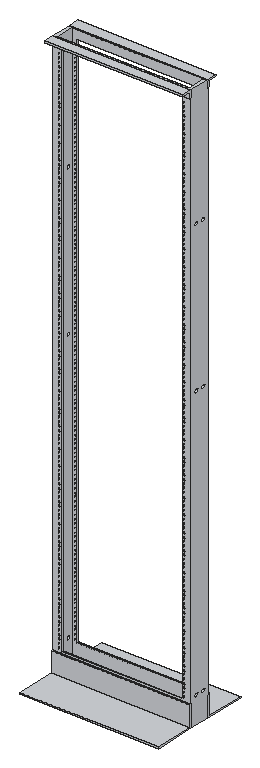
Revit family (continued)
Forms (in)
  Extrusion 80, void
    sketch origin (0, 0, -75.25) x (1, 0, 0) y (0, 0, 1)
      loop
        line (9.175, 52.604) -> (9.086, 52.604) -> (9.086, 52.426) -> (9.175, 52.426) -> (9.264, 52.426) -> (9.264, 52.515) -> (9.264, 52.604) -> (9.175, 52.604)
      loop
        line (9.175, 51.979) -> (9.086, 51.979) -> (9.086, 51.801) -> (9.175, 51.801) -> (9.264, 51.801) -> (9.264, 51.89) -> (9.264, 51.979) -> (9.175, 51.979)
      loop
        line (9.175, 51.354) -> (9.086, 51.354) -> (9.086, 51.176) -> (9.175, 51.176) -> (9.264, 51.176) -> (9.264, 51.265) -> (9.264, 51.354) -> (9.175, 51.354)
    from 0 to 36
  Extrusion 81, void
    sketch origin (0, 0, -77) x (1, 0, 0) y (0, 0, 1)
      loop
        line (-9.175, 52.604) -> (-9.264, 52.604) -> (-9.264, 52.515) -> (-9.264, 52.426) -> (-9.175, 52.426) -> (-9.086, 52.426) -> (-9.086, 52.604) -> (-9.175, 52.604)
      loop
        line (-9.175, 51.979) -> (-9.264, 51.979) -> (-9.264, 51.89) -> (-9.264, 51.801) -> (-9.175, 51.801) -> (-9.086, 51.801) -> (-9.086, 51.979) -> (-9.175, 51.979)
      loop
        line (-9.175, 51.354) -> (-9.264, 51.354) -> (-9.264, 51.265) -> (-9.264, 51.176) -> (-9.175, 51.176) -> (-9.086, 51.176) -> (-9.086, 51.354) -> (-9.175, 51.354)
      loop
        line (9.175, 52.604) -> (9.086, 52.604) -> (9.086, 52.426) -> (9.175, 52.426) -> (9.264, 52.426) -> (9.264, 52.515) -> (9.264, 52.604) -> (9.175, 52.604)
      loop
        line (9.175, 51.979) -> (9.086, 51.979) -> (9.086, 51.801) -> (9.175, 51.801) -> (9.264, 51.801) -> (9.264, 51.89) -> (9.264, 51.979) -> (9.175, 51.979)
      loop
        line (9.175, 51.354) -> (9.086, 51.354) -> (9.086, 51.176) -> (9.175, 51.176) -> (9.264, 51.176) -> (9.264, 51.265) -> (9.264, 51.354) -> (9.175, 51.354)
    from 0 to 36
  Extrusion 82, void
    sketch origin (0, 0, -78.75) x (1, 0, 0) y (0, 0, 1)
      loop
        line (-9.175, 52.604) -> (-9.264, 52.604) -> (-9.264, 52.515) -> (-9.264, 52.426) -> (-9.175, 52.426) -> (-9.086, 52.426) -> (-9.086, 52.604) -> (-9.175, 52.604)
      loop
        line (-9.175, 51.979) -> (-9.264, 51.979) -> (-9.264, 51.89) -> (-9.264, 51.801) -> (-9.175, 51.801) -> (-9.086, 51.801) -> (-9.086, 51.979) -> (-9.175, 51.979)
      loop
        line (-9.175, 51.354) -> (-9.264, 51.354) -> (-9.264, 51.265) -> (-9.264, 51.176) -> (-9.175, 51.176) -> (-9.086, 51.176) -> (-9.086, 51.354) -> (-9.175, 51.354)
      loop
        line (9.175, 52.604) -> (9.086, 52.604) -> (9.086, 52.426) -> (9.175, 52.426) -> (9.264, 52.426) -> (9.264, 52.515) -> (9.264, 52.604) -> (9.175, 52.604)
      loop
        line (9.175, 51.979) -> (9.086, 51.979) -> (9.086, 51.801) -> (9.175, 51.801) -> (9.264, 51.801) -> (9.264, 51.89) -> (9.264, 51.979) -> (9.175, 51.979)
      loop
        line (9.175, 51.354) -> (9.086, 51.354) -> (9.086, 51.176) -> (9.175, 51.176) -> (9.264, 51.176) -> (9.264, 51.265) -> (9.264, 51.354) -> (9.175, 51.354)
    from 0 to 36
  Extrusion 83, void
    sketch origin (0, 0, -80.5) x (1, 0, 0) y (0, 0, 1)
      loop
        line (-9.175, 52.604) -> (-9.264, 52.604) -> (-9.264, 52.515) -> (-9.264, 52.426) -> (-9.175, 52.426) -> (-9.086, 52.426) -> (-9.086, 52.604) -> (-9.175, 52.604)
      loop
        line (-9.175, 51.979) -> (-9.264, 51.979) -> (-9.264, 51.89) -> (-9.264, 51.801) -> (-9.175, 51.801) -> (-9.086, 51.801) -> (-9.086, 51.979) -> (-9.175, 51.979)
      loop
        line (-9.175, 51.354) -> (-9.264, 51.354) -> (-9.264, 51.265) -> (-9.264, 51.176) -> (-9.175, 51.176) -> (-9.086, 51.176) -> (-9.086, 51.354) -> (-9.175, 51.354)
      loop
        line (9.175, 52.604) -> (9.086, 52.604) -> (9.086, 52.426) -> (9.175, 52.426) -> (9.264, 52.426) -> (9.264, 52.515) -> (9.264, 52.604) -> (9.175, 52.604)
      loop
        line (9.175, 51.979) -> (9.086, 51.979) -> (9.086, 51.801) -> (9.175, 51.801) -> (9.264, 51.801) -> (9.264, 51.89) -> (9.264, 51.979) -> (9.175, 51.979)
      loop
        line (9.175, 51.354) -> (9.086, 51.354) -> (9.086, 51.176) -> (9.175, 51.176) -> (9.264, 51.176) -> (9.264, 51.265) -> (9.264, 51.354) -> (9.175, 51.354)
    from 0 to 36
  Extrusion 84, void
    sketch origin (0, 0, -82.25) x (1, 0, 0) y (0, 0, 1)
      loop
        line (-9.175, 52.604) -> (-9.264, 52.604) -> (-9.264, 52.515) -> (-9.264, 52.426) -> (-9.175, 52.426) -> (-9.086, 52.426) -> (-9.086, 52.604) -> (-9.175, 52.604)
      loop
        line (-9.175, 51.979) -> (-9.264, 51.979) -> (-9.264, 51.89) -> (-9.264, 51.801) -> (-9.175, 51.801) -> (-9.086, 51.801) -> (-9.086, 51.979) -> (-9.175, 51.979)
      loop
        line (-9.175, 51.354) -> (-9.264, 51.354) -> (-9.264, 51.265) -> (-9.264, 51.176) -> (-9.175, 51.176) -> (-9.086, 51.176) -> (-9.086, 51.354) -> (-9.175, 51.354)
      loop
        line (9.175, 52.604) -> (9.086, 52.604) -> (9.086, 52.426) -> (9.175, 52.426) -> (9.264, 52.426) -> (9.264, 52.515) -> (9.264, 52.604) -> (9.175, 52.604)
      loop
        line (9.175, 51.979) -> (9.086, 51.979) -> (9.086, 51.801) -> (9.175, 51.801) -> (9.264, 51.801) -> (9.264, 51.89) -> (9.264, 51.979) -> (9.175, 51.979)
      loop
        line (9.175, 51.354) -> (9.086, 51.354) -> (9.086, 51.176) -> (9.175, 51.176) -> (9.264, 51.176) -> (9.264, 51.265) -> (9.264, 51.354) -> (9.175, 51.354)
    from 0 to 36
  Extrusion 85, void
    sketch origin (0, 0, -84) x (1, 0, 0) y (0, 0, 1)
      loop
        line (-9.175, 52.604) -> (-9.264, 52.604) -> (-9.264, 52.515) -> (-9.264, 52.426) -> (-9.175, 52.426) -> (-9.086, 52.426) -> (-9.086, 52.604) -> (-9.175, 52.604)
      loop
        line (-9.175, 51.979) -> (-9.264, 51.979) -> (-9.264, 51.89) -> (-9.264, 51.801) -> (-9.175, 51.801) -> (-9.086, 51.801) -> (-9.086, 51.979) -> (-9.175, 51.979)
      loop
        line (-9.175, 51.354) -> (-9.264, 51.354) -> (-9.264, 51.265) -> (-9.264, 51.176) -> (-9.175, 51.176) -> (-9.086, 51.176) -> (-9.086, 51.354) -> (-9.175, 51.354)
      loop
        line (9.175, 52.604) -> (9.086, 52.604) -> (9.086, 52.426) -> (9.175, 52.426) -> (9.264, 52.426) -> (9.264, 52.515) -> (9.264, 52.604) -> (9.175, 52.604)
      loop
        line (9.175, 51.979) -> (9.086, 51.979) -> (9.086, 51.801) -> (9.175, 51.801) -> (9.264, 51.801) -> (9.264, 51.89) -> (9.264, 51.979) -> (9.175, 51.979)
      loop
        line (9.175, 51.354) -> (9.086, 51.354) -> (9.086, 51.176) -> (9.175, 51.176) -> (9.264, 51.176) -> (9.264, 51.265) -> (9.264, 51.354) -> (9.175, 51.354)
    from 0 to 36
  Extrusion 86, void
    sketch origin (0, 0, -85.75) x (1, 0, 0) y (0, 0, 1)
      loop
        line (-9.175, 52.604) -> (-9.264, 52.604) -> (-9.264, 52.515) -> (-9.264, 52.426) -> (-9.175, 52.426) -> (-9.086, 52.426) -> (-9.086, 52.604) -> (-9.175, 52.604)
      loop
        line (-9.175, 51.979) -> (-9.264, 51.979) -> (-9.264, 51.89) -> (-9.264, 51.801) -> (-9.175, 51.801) -> (-9.086, 51.801) -> (-9.086, 51.979) -> (-9.175, 51.979)
      loop
        line (-9.175, 51.354) -> (-9.264, 51.354) -> (-9.264, 51.265) -> (-9.264, 51.176) -> (-9.175, 51.176) -> (-9.086, 51.176) -> (-9.086, 51.354) -> (-9.175, 51.354)
      loop
        line (9.175, 52.604) -> (9.086, 52.604) -> (9.086, 52.426) -> (9.175, 52.426) -> (9.264, 52.426) -> (9.264, 52.515) -> (9.264, 52.604) -> (9.175, 52.604)
      loop
        line (9.175, 51.979) -> (9.086, 51.979) -> (9.086, 51.801) -> (9.175, 51.801) -> (9.264, 51.801) -> (9.264, 51.89) -> (9.264, 51.979) -> (9.175, 51.979)
      loop
        line (9.175, 51.354) -> (9.086, 51.354) -> (9.086, 51.176) -> (9.175, 51.176) -> (9.264, 51.176) -> (9.264, 51.265) -> (9.264, 51.354) -> (9.175, 51.354)
    from 0 to 36
  Extrusion 87, void
    sketch origin (0, 0, -87.5) x (1, 0, 0) y (0, 0, 1)
      loop
        line (-9.175, 52.604) -> (-9.264, 52.604) -> (-9.264, 52.515) -> (-9.264, 52.426) -> (-9.175, 52.426) -> (-9.086, 52.426) -> (-9.086, 52.604) -> (-9.175, 52.604)
      loop
        line (-9.175, 51.979) -> (-9.264, 51.979) -> (-9.264, 51.89) -> (-9.264, 51.801) -> (-9.175, 51.801) -> (-9.086, 51.801) -> (-9.086, 51.979) -> (-9.175, 51.979)
      loop
        line (-9.175, 51.354) -> (-9.264, 51.354) -> (-9.264, 51.265) -> (-9.264, 51.176) -> (-9.175, 51.176) -> (-9.086, 51.176) -> (-9.086, 51.354) -> (-9.175, 51.354)
      loop
        line (9.175, 52.604) -> (9.086, 52.604) -> (9.086, 52.426) -> (9.175, 52.426) -> (9.264, 52.426) -> (9.264, 52.515) -> (9.264, 52.604) -> (9.175, 52.604)
      loop
        line (9.175, 51.979) -> (9.086, 51.979) -> (9.086, 51.801) -> (9.175, 51.801) -> (9.264, 51.801) -> (9.264, 51.89) -> (9.264, 51.979) -> (9.175, 51.979)
      loop
        line (9.175, 51.354) -> (9.086, 51.354) -> (9.086, 51.176) -> (9.175, 51.176) -> (9.264, 51.176) -> (9.264, 51.265) -> (9.264, 51.354) -> (9.175, 51.354)
    from 0 to 36
  Extrusion 88, void
    sketch origin (0, 0, -89.25) x (1, 0, 0) y (0, 0, 1)
      loop
        line (-9.175, 52.604) -> (-9.264, 52.604) -> (-9.264, 52.515) -> (-9.264, 52.426) -> (-9.175, 52.426) -> (-9.086, 52.426) -> (-9.086, 52.604) -> (-9.175, 52.604)
      loop
        line (-9.175, 51.979) -> (-9.264, 51.979) -> (-9.264, 51.89) -> (-9.264, 51.801) -> (-9.175, 51.801) -> (-9.086, 51.801) -> (-9.086, 51.979) -> (-9.175, 51.979)
      loop
        line (-9.175, 51.354) -> (-9.264, 51.354) -> (-9.264, 51.265) -> (-9.264, 51.176) -> (-9.175, 51.176) -> (-9.086, 51.176) -> (-9.086, 51.354) -> (-9.175, 51.354)
      loop
        line (9.175, 52.604) -> (9.086, 52.604) -> (9.086, 52.426) -> (9.175, 52.426) -> (9.264, 52.426) -> (9.264, 52.515) -> (9.264, 52.604) -> (9.175, 52.604)
      loop
        line (9.175, 51.979) -> (9.086, 51.979) -> (9.086, 51.801) -> (9.175, 51.801) -> (9.264, 51.801) -> (9.264, 51.89) -> (9.264, 51.979) -> (9.175, 51.979)
      loop
        line (9.175, 51.354) -> (9.086, 51.354) -> (9.086, 51.176) -> (9.175, 51.176) -> (9.264, 51.176) -> (9.264, 51.265) -> (9.264, 51.354) -> (9.175, 51.354)
    from 0 to 36
  Extrusion 89, void
    sketch origin (0, 0, -91) x (1, 0, 0) y (0, 0, 1)
      loop
        line (-9.175, 52.604) -> (-9.264, 52.604) -> (-9.264, 52.515) -> (-9.264, 52.426) -> (-9.175, 52.426) -> (-9.086, 52.426) -> (-9.086, 52.604) -> (-9.175, 52.604)
      loop
        line (-9.175, 51.979) -> (-9.264, 51.979) -> (-9.264, 51.89) -> (-9.264, 51.801) -> (-9.175, 51.801) -> (-9.086, 51.801) -> (-9.086, 51.979) -> (-9.175, 51.979)
      loop
        line (-9.175, 51.354) -> (-9.264, 51.354) -> (-9.264, 51.265) -> (-9.264, 51.176) -> (-9.175, 51.176) -> (-9.086, 51.176) -> (-9.086, 51.354) -> (-9.175, 51.354)
      loop
        line (9.175, 52.604) -> (9.086, 52.604) -> (9.086, 52.426) -> (9.175, 52.426) -> (9.264, 52.426) -> (9.264, 52.515) -> (9.264, 52.604) -> (9.175, 52.604)
      loop
        line (9.175, 51.979) -> (9.086, 51.979) -> (9.086, 51.801) -> (9.175, 51.801) -> (9.264, 51.801) -> (9.264, 51.89) -> (9.264, 51.979) -> (9.175, 51.979)
      loop
        line (9.175, 51.354) -> (9.086, 51.354) -> (9.086, 51.176) -> (9.175, 51.176) -> (9.264, 51.176) -> (9.264, 51.265) -> (9.264, 51.354) -> (9.175, 51.354)
    from 0 to 36
  Extrusion 90, void
    sketch origin (0, 0, -92.75) x (1, 0, 0) y (0, 0, 1)
      loop
        line (-9.175, 52.604) -> (-9.264, 52.604) -> (-9.264, 52.515) -> (-9.264, 52.426) -> (-9.175, 52.426) -> (-9.086, 52.426) -> (-9.086, 52.604) -> (-9.175, 52.604)
      loop
        line (-9.175, 51.979) -> (-9.264, 51.979) -> (-9.264, 51.89) -> (-9.264, 51.801) -> (-9.175, 51.801) -> (-9.086, 51.801) -> (-9.086, 51.979) -> (-9.175, 51.979)
      loop
        line (-9.175, 51.354) -> (-9.264, 51.354) -> (-9.264, 51.265) -> (-9.264, 51.176) -> (-9.175, 51.176) -> (-9.086, 51.176) -> (-9.086, 51.354) -> (-9.175, 51.354)
      loop
        line (9.175, 52.604) -> (9.086, 52.604) -> (9.086, 52.426) -> (9.175, 52.426) -> (9.264, 52.426) -> (9.264, 52.515) -> (9.264, 52.604) -> (9.175, 52.604)
      loop
        line (9.175, 51.979) -> (9.086, 51.979) -> (9.086, 51.801) -> (9.175, 51.801) -> (9.264, 51.801) -> (9.264, 51.89) -> (9.264, 51.979) -> (9.175, 51.979)
      loop
        line (9.175, 51.354) -> (9.086, 51.354) -> (9.086, 51.176) -> (9.175, 51.176) -> (9.264, 51.176) -> (9.264, 51.265) -> (9.264, 51.354) -> (9.175, 51.354)
    from 0 to 36
  Extrusion 91, void
    sketch origin (0, 0, -94.5) x (1, 0, 0) y (0, 0, 1)
      loop
        line (-9.175, 52.604) -> (-9.264, 52.604) -> (-9.264, 52.515) -> (-9.264, 52.426) -> (-9.175, 52.426) -> (-9.086, 52.426) -> (-9.086, 52.604) -> (-9.175, 52.604)
      loop
        line (-9.175, 51.979) -> (-9.264, 51.979) -> (-9.264, 51.89) -> (-9.264, 51.801) -> (-9.175, 51.801) -> (-9.086, 51.801) -> (-9.086, 51.979) -> (-9.175, 51.979)
      loop
        line (-9.175, 51.354) -> (-9.264, 51.354) -> (-9.264, 51.265) -> (-9.264, 51.176) -> (-9.175, 51.176) -> (-9.086, 51.176) -> (-9.086, 51.354) -> (-9.175, 51.354)
      loop
        line (9.175, 52.604) -> (9.086, 52.604) -> (9.086, 52.426) -> (9.175, 52.426) -> (9.264, 52.426) -> (9.264, 52.515) -> (9.264, 52.604) -> (9.175, 52.604)
      loop
        line (9.175, 51.979) -> (9.086, 51.979) -> (9.086, 51.801) -> (9.175, 51.801) -> (9.264, 51.801) -> (9.264, 51.89) -> (9.264, 51.979) -> (9.175, 51.979)
      loop
        line (9.175, 51.354) -> (9.086, 51.354) -> (9.086, 51.176) -> (9.175, 51.176) -> (9.264, 51.176) -> (9.264, 51.265) -> (9.264, 51.354) -> (9.175, 51.354)
    from 0 to 36
  Extrusion 92, void
    sketch origin (0, 0, -96.25) x (1, 0, 0) y (0, 0, 1)
      loop
        line (-9.175, 52.604) -> (-9.264, 52.604) -> (-9.264, 52.515) -> (-9.264, 52.426) -> (-9.175, 52.426) -> (-9.086, 52.426) -> (-9.086, 52.604) -> (-9.175, 52.604)
      loop
        line (-9.175, 51.979) -> (-9.264, 51.979) -> (-9.264, 51.89) -> (-9.264, 51.801) -> (-9.175, 51.801) -> (-9.086, 51.801) -> (-9.086, 51.979) -> (-9.175, 51.979)
      loop
        line (-9.175, 51.354) -> (-9.264, 51.354) -> (-9.264, 51.265) -> (-9.264, 51.176) -> (-9.175, 51.176) -> (-9.086, 51.176) -> (-9.086, 51.354) -> (-9.175, 51.354)
      loop
        line (9.175, 52.604) -> (9.086, 52.604) -> (9.086, 52.426) -> (9.175, 52.426) -> (9.264, 52.426) -> (9.264, 52.515) -> (9.264, 52.604) -> (9.175, 52.604)
      loop
        line (9.175, 51.979) -> (9.086, 51.979) -> (9.086, 51.801) -> (9.175, 51.801) -> (9.264, 51.801) -> (9.264, 51.89) -> (9.264, 51.979) -> (9.175, 51.979)
      loop
        line (9.175, 51.354) -> (9.086, 51.354) -> (9.086, 51.176) -> (9.175, 51.176) -> (9.264, 51.176) -> (9.264, 51.265) -> (9.264, 51.354) -> (9.175, 51.354)
    from 0 to 36
  Extrusion 93, void
    sketch origin (0, 0, -98) x (1, 0, 0) y (0, 0, 1)
      loop
        line (-9.175, 52.604) -> (-9.264, 52.604) -> (-9.264, 52.515) -> (-9.264, 52.426) -> (-9.175, 52.426) -> (-9.086, 52.426) -> (-9.086, 52.604) -> (-9.175, 52.604)
      loop
        line (-9.175, 51.979) -> (-9.264, 51.979) -> (-9.264, 51.89) -> (-9.264, 51.801) -> (-9.175, 51.801) -> (-9.086, 51.801) -> (-9.086, 51.979) -> (-9.175, 51.979)
      loop
        line (-9.175, 51.354) -> (-9.264, 51.354) -> (-9.264, 51.265) -> (-9.264, 51.176) -> (-9.175, 51.176) -> (-9.086, 51.176) -> (-9.086, 51.354) -> (-9.175, 51.354)
      loop
        line (9.175, 52.604) -> (9.086, 52.604) -> (9.086, 52.426) -> (9.175, 52.426) -> (9.264, 52.426) -> (9.264, 52.515) -> (9.264, 52.604) -> (9.175, 52.604)
      loop
        line (9.175, 51.979) -> (9.086, 51.979) -> (9.086, 51.801) -> (9.175, 51.801) -> (9.264, 51.801) -> (9.264, 51.89) -> (9.264, 51.979) -> (9.175, 51.979)
      loop
        line (9.175, 51.354) -> (9.086, 51.354) -> (9.086, 51.176) -> (9.175, 51.176) -> (9.264, 51.176) -> (9.264, 51.265) -> (9.264, 51.354) -> (9.175, 51.354)
    from 0 to 36
  Extrusion 94, void
    sketch origin (0, 0, -99.75) x (1, 0, 0) y (0, 0, 1)
      loop
        line (-9.175, 52.604) -> (-9.264, 52.604) -> (-9.264, 52.515) -> (-9.264, 52.426) -> (-9.175, 52.426) -> (-9.086, 52.426) -> (-9.086, 52.604) -> (-9.175, 52.604)
      loop
        line (-9.175, 51.979) -> (-9.264, 51.979) -> (-9.264, 51.89) -> (-9.264, 51.801) -> (-9.175, 51.801) -> (-9.086, 51.801) -> (-9.086, 51.979) -> (-9.175, 51.979)
      loop
        line (-9.175, 51.354) -> (-9.264, 51.354) -> (-9.264, 51.265) -> (-9.264, 51.176) -> (-9.175, 51.176) -> (-9.086, 51.176) -> (-9.086, 51.354) -> (-9.175, 51.354)
      loop
        line (9.175, 52.604) -> (9.086, 52.604) -> (9.086, 52.426) -> (9.175, 52.426) -> (9.264, 52.426) -> (9.264, 52.515) -> (9.264, 52.604) -> (9.175, 52.604)
      loop
        line (9.175, 51.979) -> (9.086, 51.979) -> (9.086, 51.801) -> (9.175, 51.801) -> (9.264, 51.801) -> (9.264, 51.89) -> (9.264, 51.979) -> (9.175, 51.979)
      loop
        line (9.175, 51.354) -> (9.086, 51.354) -> (9.086, 51.176) -> (9.175, 51.176) -> (9.264, 51.176) -> (9.264, 51.265) -> (9.264, 51.354) -> (9.175, 51.354)
    from 0 to 36
  Extrusion 95, void
    sketch origin (0, 0, -101.5) x (1, 0, 0) y (0, 0, 1)
      loop
        line (-9.175, 52.604) -> (-9.264, 52.604) -> (-9.264, 52.515) -> (-9.264, 52.426) -> (-9.175, 52.426) -> (-9.086, 52.426) -> (-9.086, 52.604) -> (-9.175, 52.604)
      loop
        line (-9.175, 51.979) -> (-9.264, 51.979) -> (-9.264, 51.89) -> (-9.264, 51.801) -> (-9.175, 51.801) -> (-9.086, 51.801) -> (-9.086, 51.979) -> (-9.175, 51.979)
      loop
        line (-9.175, 51.354) -> (-9.264, 51.354) -> (-9.264, 51.265) -> (-9.264, 51.176) -> (-9.175, 51.176) -> (-9.086, 51.176) -> (-9.086, 51.354) -> (-9.175, 51.354)
      loop
        line (9.175, 52.604) -> (9.086, 52.604) -> (9.086, 52.426) -> (9.175, 52.426) -> (9.264, 52.426) -> (9.264, 52.515) -> (9.264, 52.604) -> (9.175, 52.604)
      loop
        line (9.175, 51.979) -> (9.086, 51.979) -> (9.086, 51.801) -> (9.175, 51.801) -> (9.264, 51.801) -> (9.264, 51.89) -> (9.264, 51.979) -> (9.175, 51.979)
      loop
        line (9.175, 51.354) -> (9.086, 51.354) -> (9.086, 51.176) -> (9.175, 51.176) -> (9.264, 51.176) -> (9.264, 51.265) -> (9.264, 51.354) -> (9.175, 51.354)
    from 0 to 36
Cuts and joins
  Extrusion 3, Extrusion 4, Extrusion 5, Extrusion 7, Extrusion 8, Extrusion 9, Extrusion 10, Extrusion 11, Extrusion 12, Extrusion 13, Extrusion 14, Extrusion 15, Extrusion 16, Extrusion 17, Extrusion 18, Extrusion 19, Extrusion 20, Extrusion 21, Extrusion 22, Extrusion 23, Extrusion 24, Extrusion 25, Extrusion 26, Extrusion 27, Extrusion 28, Extrusion 29, Extrusion 30, Extrusion 31, Extrusion 32, Extrusion 33, Extrusion 34, Extrusion 35, Extrusion 36, Extrusion 37, Extrusion 38, Extrusion 39, Extrusion 40, Extrusion 41, Extrusion 42, Extrusion 43, Extrusion 44, Extrusion 45, Extrusion 46, Extrusion 47, Extrusion 48, Extrusion 49, Extrusion 50, Extrusion 51, Extrusion 52, Extrusion 53, Extrusion 54, Extrusion 55, Extrusion 56, Extrusion 57, Extrusion 58, Extrusion 59, Extrusion 60, Extrusion 61, Extrusion 62, Extrusion 63, Extrusion 64, Extrusion 65, Extrusion 66, Extrusion 67, Extrusion 68, Extrusion 69, Extrusion 70, Extrusion 71, Extrusion 72, Extrusion 73, Extrusion 74, Extrusion 75, Extrusion 76, Extrusion 77, Extrusion 78, Extrusion 79, Extrusion 80, Extrusion 81, Extrusion 82, Extrusion 83, Extrusion 84, Extrusion 85, Extrusion 86, Extrusion 87, Extrusion 88, Extrusion 89, Extrusion 90, Extrusion 91, Extrusion 92, Extrusion 93, Extrusion 94, Extrusion 95 cuts Extrusion 2
  Extrusion 7, Extrusion 8, Extrusion 9, Extrusion 10, Extrusion 11, Extrusion 12, Extrusion 13, Extrusion 14, Extrusion 15, Extrusion 16, Extrusion 17, Extrusion 18, Extrusion 19, Extrusion 20, Extrusion 21, Extrusion 22, Extrusion 23, Extrusion 24, Extrusion 25, Extrusion 26, Extrusion 27, Extrusion 28, Extrusion 29, Extrusion 30, Extrusion 31, Extrusion 32, Extrusion 33, Extrusion 34, Extrusion 35, Extrusion 36, Extrusion 37, Extrusion 38, Extrusion 39, Extrusion 40, Extrusion 41, Extrusion 42, Extrusion 43, Extrusion 44, Extrusion 45, Extrusion 46, Extrusion 47, Extrusion 48, Extrusion 49, Extrusion 50, Extrusion 51, Extrusion 52, Extrusion 53, Extrusion 54, Extrusion 55, Extrusion 56, Extrusion 57, Extrusion 58, Extrusion 59, Extrusion 60, Extrusion 61, Extrusion 62, Extrusion 63, Extrusion 64, Extrusion 65, Extrusion 66, Extrusion 67, Extrusion 68, Extrusion 69, Extrusion 70, Extrusion 71, Extrusion 72, Extrusion 73, Extrusion 74, Extrusion 75, Extrusion 76, Extrusion 77, Extrusion 78, Extrusion 79, Extrusion 80, Extrusion 81, Extrusion 82, Extrusion 83, Extrusion 84, Extrusion 85, Extrusion 86, Extrusion 87, Extrusion 88, Extrusion 89, Extrusion 90, Extrusion 91, Extrusion 92, Extrusion 93, Extrusion 94, Extrusion 95 cuts Extrusion 6
Dimensions and locks (in)
  equal spacing: group 45, group 46, group 47, group 48, group 49, group 50, group 51, group 52, group 53, group 54, group 55, group 56, group 57, group 58, group 59, group 60, group 61, group 62, group 63, group 64, group 65, group 66, group 67, group 68, group 69, group 70, group 71, group 72, group 73, group 74, group 75, group 76, group 77, group 78, group 79, group 80, group 81, group 82, group 83, group 84, group 85, group 86, group 87, group 88, group 89  (x2)
  equal spacing: group 89, group 88, group 87, group 86, group 85, group 84, group 83, group 82, group 81, group 80, group 79, group 78, group 77, group 76, group 75, group 74, group 73, group 72, group 71, group 70, group 69, group 68, group 67, group 66, group 65, group 64, group 63, group 62, group 61, group 60, group 59, group 58, group 57, group 56, group 55, group 54, group 53, group 52, group 51, group 50, group 49, group 48, group 47, group 46, group 45
